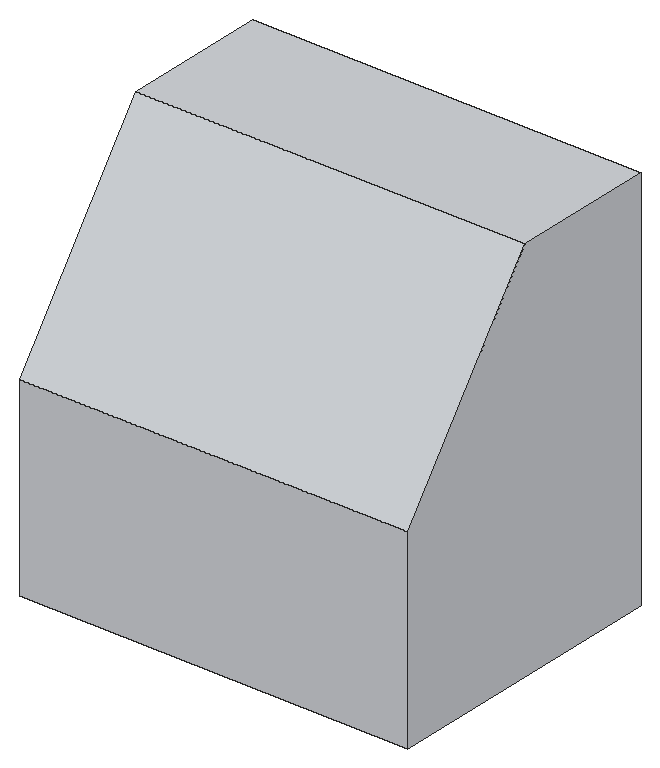
Revit family "01151-S", category Instalační zařizovací předměty, Revit 2016
Family settings
  Typ součásti = Normální
  Kóta kulaté spojky = Použít průměr
  Číslo OmniClass = 23.45.05.00
  Nadpis OmniClass = Sanitary Equipment
  Založené na pracovní rovině = Ne
  Vždy vertikální = Ano
  Ořezat dutým tvarem při načtení = Ne
  Sdílené = Ne
  Bod výpočtu místnosti = Ne
Parameters
  Warranty = "3"
  WIDTH = 280 mm
  WEIGHT = 5.80 kg
  Výrobce = "Nofer"
  Utility frequency = 0
  Surface finish = "Satin"
  Připojení ventilace = no
  Připojení odpadu = no
  Připojení HW = no
  Připojení CW = no
  Product URL link = "http://www.nofer.co.uk/en/collectives/handryers/windflow/01151-S"
  Power supply = 0 V
  Power input = 2450 W
  Noise level = 70
  MATERIAL = none
  IP code = "IPX1"
  HEIGHT = 280 mm
  Electric class = "I"
  DEPTH = 210 mm
  Article number = "01151.S"
  Air temperature [°C] = 53 °C
  Air speed = 117.00 kg/m²
Reference planes
  plane 1 "Střed (vpředu/vzadu)": y = 0
  plane 2: z = 0
  plane 3 "Střed (vlevo/vpravo)": x = 0
  plane 4: z = 0
  plane 5: z = 280
  plane 6: y = -210
  plane 7: x = 140
  plane 8: x = -140
  plane 9: z = 140
  plane 10: y = -105
Forms (mm)
  Extrusion 1, solid, material <- "MATERIAL", detail levels medium+fine
    sketch origin (0, 0, 0) x (0, 1, 0) y (0, 0, 1)
      loop
        line (0, 280) -> (-105, 280) -> (-210, 140) -> (-210, 0) -> (0, 0) -> (0, 280)
    from -140 to 140
  Extrusion 2, solid, material <- "MATERIAL", detail levels coarse
    sketch origin (0, 0, 0) x (0, 1, 0) y (0, 0, 1)
      loop
        line (0, 280) -> (-210, 280) -> (-210, 0) -> (0, 0) -> (0, 280)
    from -140 to 140
Dimensions and locks
  equal spacing: plane 8, plane 3 "Střed (vlevo/vpravo)", plane 7
  "WIDTH": plane 8 to plane 7
  "DEPTH": plane 6 to plane 1 "Střed (vpředu/vzadu)"
  equal spacing: plane 5, plane 9, plane 4
  equal spacing: plane 1 "Střed (vpředu/vzadu)", plane 10, plane 6
  "DEPTH": plane 1 "Střed (vpředu/vzadu)" to plane 6
  "HEIGHT": plane 5 to level
  aligned and locked: level to plane 2
  aligned and locked: plane 5 to Extrusion 1 sketch curve
  aligned and locked: Extrusion 1 sketch curve to plane 1 "Střed (vpředu/vzadu)"
  aligned and locked: Extrusion 1 sketch curve to plane 4
  aligned and locked: Extrusion 1 sketch curve to plane 6
  aligned and locked: plane 10 to Extrusion 1 sketch curve
  aligned and locked: plane 9 to Extrusion 1 sketch curve
  aligned and locked: Extrusion 1 to plane 8
  aligned and locked: plane 7 to Extrusion 1
  aligned and locked: Extrusion 2 to plane 8
  aligned and locked: plane 7 to Extrusion 2
  aligned and locked: Extrusion 2 to level
Automatic sketch dimensions
  Extrusion 2 sketch curve to plane 5 = 0 mm
  Extrusion 2 sketch curve to plane 6 = 0 mm
  Extrusion 2 sketch curve to plane 1 "Střed (vpředu/vzadu)" = 0 mm
  level to Extrusion 2 sketch curve = 0 mm
